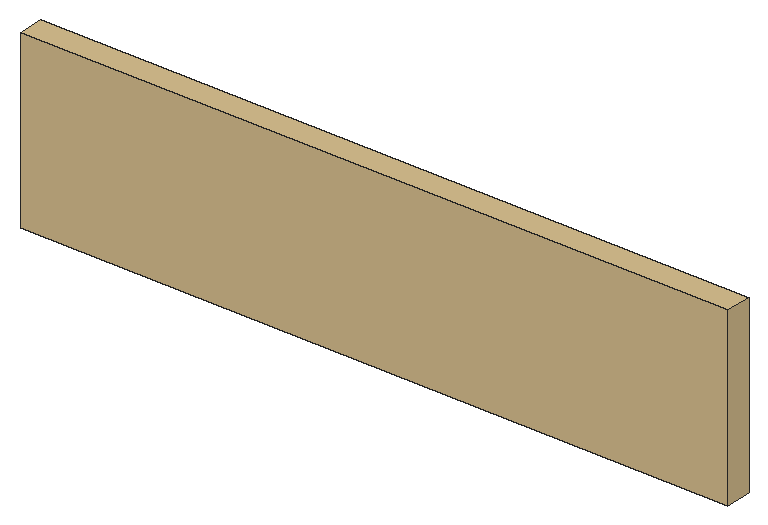
Revit family "5eb55f7c3d854ef0853ef513e92ec276", category Structural Framing, Revit 2021
Family settings
  Structural Framing Length Roundoff = 0' - 0"
  Section Shape = Not Defined
  Material for Model Behavior = Wood
  Always export as geometry = No
  OmniClass Number = 23.25.30.11.14.14
  OmniClass Title = Beams
  Seek Item ID = LVL-Laminated Veneer Lumber-0000-USA-ENU
  Always vertical = Yes
  Cut with Voids When Loaded = No
  Symbolic Representation = From Project Settings
  Shared = No
  Show family pre-cut in plan views = Yes
Parameters (values of type "(1)1 3/4x11 7/8")
  Structural Material [instance] = Softwood, Lumber
  Assembly Code = "B10"
  Length [instance] = 5' - 0"
  b = 0' - 1 3/4"
  d = 0' - 11 7/8"
Types (3): name | b | d
  (no name) | 0' - 1 3/4" | 0' - 11 7/8"
  (1)1 3/4x11 7/8 | 0' - 1 3/4" | 0' - 11 7/8"
  (2)1 3/4x14 | 0' - 3 1/2" | 1' - 2"
Reference planes (in)
  plane 1 "Center (Front/Back)": y = 0
  plane 2: z = 0
  plane 3 "Center (Left/Right)": x = 0.1815
  plane 4 "Member Left": x = -23.8185
  plane 5 "Member Right": x = 24.1815
  plane 6: y = 0.875
  plane 7: y = -0.875
  plane 8: z = 5.9375
  plane 9: z = -5.9375
  plane 10 "Left": x = -29.8185
  plane 11 "Stick Symbol Left": x = -17.8185
  plane 12 "Stick Symbol Right": x = 18.1815
  plane 13 "Right": x = 30.1815
Forms (in)
  Sweep 1, solid, material "Softwood, Lumber" <- "Structural Material", detail levels medium+fine
    path origin (0, 0, 0) x (1, 0, 0) y (0, 1, 0)
      loop
        line (24.1815, 0) -> (-23.8185, 0)
    profile "Rectangular Wood Beam-Profile : Rectangular Wood Beam-Profile" origin (0.1815, 0, 0) x (0, -1, 0) y (0, 0, 1)
      loop
        line (-0.875, -5.9375) -> (0.875, -5.9375) -> (0.875, 5.9375) -> (-0.875, 5.9375) -> (-0.875, -5.9375)
Lines and regions (in)
  symbolic lines, style "Stick Symbols", detail levels coarse
    curve 1: line (0.1815, 0.875, 5.9375) -> (0.1815, -0.875, 5.9375)
    curve 2: line (0.1815, -0.875, -5.9375) -> (0.1815, 0.875, -5.9375)
    curve 3: line (0.1815, -0.875, 5.9375) -> (0.1815, -0.875, -5.9375)
    curve 4: line (0.1815, 0.875, -5.9375) -> (0.1815, 0.875, 5.9375)
Dimensions and locks (in)
  "b": plane 6 to plane 7
  "d": plane 9 to plane 8
  equal spacing: plane 9, plane 2, plane 8
  equal spacing: plane 6, plane 1 "Center (Front/Back)", plane 7
  "Length": plane 10 "Left" to plane 13 "Right"
  aligned and locked: Sweep 1 sketch curve to plane 1 "Center (Front/Back)"
  aligned and locked: curve 1 to Sweep 1
  aligned and locked: curve 2 to Sweep 1
  aligned and locked: curve 3 to Sweep 1
  aligned and locked: curve 4 to Sweep 1
  aligned and locked: plane 4 "Member Left" to Sweep 1 sketch curve
  aligned and locked: plane 5 "Member Right" to Sweep 1 sketch curve
